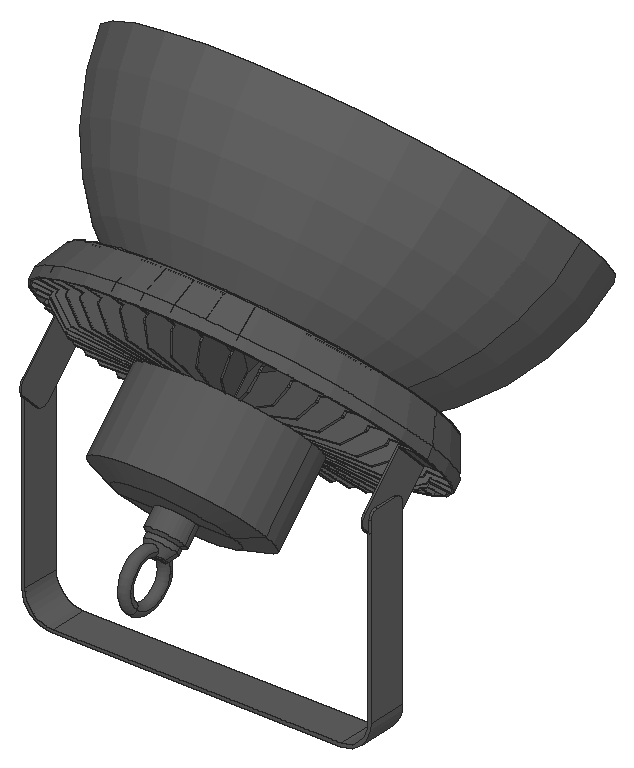
Revit family "0039367+0039355+0039360 Sylvania Lighting Fixture START HighBay IP65 DALI 26000lm 840 WB with BRACKET and ALU SHADE BLACK COLOR FOR 26KLM", category Lighting Fixtures, host Face, Revit 2016 (continued)
Definition of nested family "Start LED Highbay DALI Head"
  Nested families
    nested 6: "Start Highbay Rib" at (0, 0, 80.875) x (0.7071, 0.7071, 0) z (0, 0, 1), type "Type Name", detail levels medium+fine
      with SuspensionHeight_FEILO 2.6 mm, WidthStraight_FEILO 4.7 mm, WidthRingChamfer_FEILO 12.9 mm, WidthCurved_FEILO 26.2 mm, WidthCurvedRing_FEILO 4.7 mm, SizeS_FEILO no, Rib4_FEILO 14.6 mm, Rib3_FEILO 20.2 mm, Rib2_FEILO 4.5 mm, Rib1_FEILO 19 mm, RadiusDiffuser_FEILO 120 mm, RHRadius3_FEILO 8.6 mm, RHRadius2_FEILO 14 mm, RHRadius1_FEILO 17.7 mm, RHHeight4_FEILO 9.2 mm, RHHeight3_FEILO 4.6 mm, RHHeight2_FEILO 2.6 mm, RHHeight1_FEILO 17.4 mm, HeightRing_FEILO 36.8 mm, HeightRingChamfer_FEILO 26.6 mm, EyeThickness_FEILO 10.5 mm, EyeThicknessHalf_FEILO 5.25 mm, EyeInner_FEILO 17.3 mm, DriverVerticalStraight_FEILO 57 mm, DriverVerticalChamfer_FEILO 9.5 mm, DriverRadius_FEILO 76.4 mm, DriverRadiusTop_FEILO 52.4 mm, DriverBottom_FEILO 74 mm, Radius_FEILO 169.5 mm
    nested 7: "Start Highbay Rib" at (0, 0, 80.875) x (0.5878, 0.809, 0) z (0, 0, 1), type "Type Name", detail levels medium+fine
      with SuspensionHeight_FEILO 2.6 mm, WidthStraight_FEILO 4.7 mm, WidthRingChamfer_FEILO 12.9 mm, WidthCurved_FEILO 26.2 mm, WidthCurvedRing_FEILO 4.7 mm, SizeS_FEILO no, Rib4_FEILO 14.6 mm, Rib3_FEILO 20.2 mm, Rib2_FEILO 4.5 mm, Rib1_FEILO 19 mm, RadiusDiffuser_FEILO 120 mm, RHRadius3_FEILO 8.6 mm, RHRadius2_FEILO 14 mm, RHRadius1_FEILO 17.7 mm, RHHeight4_FEILO 9.2 mm, RHHeight3_FEILO 4.6 mm, RHHeight2_FEILO 2.6 mm, RHHeight1_FEILO 17.4 mm, HeightRing_FEILO 36.8 mm, HeightRingChamfer_FEILO 26.6 mm, EyeThickness_FEILO 10.5 mm, EyeThicknessHalf_FEILO 5.25 mm, EyeInner_FEILO 17.3 mm, DriverVerticalStraight_FEILO 57 mm, DriverVerticalChamfer_FEILO 9.5 mm, DriverRadius_FEILO 76.4 mm, DriverRadiusTop_FEILO 52.4 mm, DriverBottom_FEILO 74 mm, Radius_FEILO 169.5 mm
    nested 8: "Start Highbay Rib" at (0, 0, 80.875) x (0.454, 0.891, 0) z (0, 0, 1), type "Type Name", detail levels medium+fine
      with SuspensionHeight_FEILO 2.6 mm, WidthStraight_FEILO 4.7 mm, WidthRingChamfer_FEILO 12.9 mm, WidthCurved_FEILO 26.2 mm, WidthCurvedRing_FEILO 4.7 mm, SizeS_FEILO no, Rib4_FEILO 14.6 mm, Rib3_FEILO 20.2 mm, Rib2_FEILO 4.5 mm, Rib1_FEILO 19 mm, RadiusDiffuser_FEILO 120 mm, RHRadius3_FEILO 8.6 mm, RHRadius2_FEILO 14 mm, RHRadius1_FEILO 17.7 mm, RHHeight4_FEILO 9.2 mm, RHHeight3_FEILO 4.6 mm, RHHeight2_FEILO 2.6 mm, RHHeight1_FEILO 17.4 mm, HeightRing_FEILO 36.8 mm, HeightRingChamfer_FEILO 26.6 mm, EyeThickness_FEILO 10.5 mm, EyeThicknessHalf_FEILO 5.25 mm, EyeInner_FEILO 17.3 mm, DriverVerticalStraight_FEILO 57 mm, DriverVerticalChamfer_FEILO 9.5 mm, DriverRadius_FEILO 76.4 mm, DriverRadiusTop_FEILO 52.4 mm, DriverBottom_FEILO 74 mm, Radius_FEILO 169.5 mm
    nested 9: "Start Highbay Rib" at (0, 0, 80.875) x (0.309, 0.9511, 0) z (0, 0, 1), type "Type Name", detail levels medium+fine
      with SuspensionHeight_FEILO 2.6 mm, WidthStraight_FEILO 4.7 mm, WidthRingChamfer_FEILO 12.9 mm, WidthCurved_FEILO 26.2 mm, WidthCurvedRing_FEILO 4.7 mm, SizeS_FEILO no, Rib4_FEILO 14.6 mm, Rib3_FEILO 20.2 mm, Rib2_FEILO 4.5 mm, Rib1_FEILO 19 mm, RadiusDiffuser_FEILO 120 mm, RHRadius3_FEILO 8.6 mm, RHRadius2_FEILO 14 mm, RHRadius1_FEILO 17.7 mm, RHHeight4_FEILO 9.2 mm, RHHeight3_FEILO 4.6 mm, RHHeight2_FEILO 2.6 mm, RHHeight1_FEILO 17.4 mm, HeightRing_FEILO 36.8 mm, HeightRingChamfer_FEILO 26.6 mm, EyeThickness_FEILO 10.5 mm, EyeThicknessHalf_FEILO 5.25 mm, EyeInner_FEILO 17.3 mm, DriverVerticalStraight_FEILO 57 mm, DriverVerticalChamfer_FEILO 9.5 mm, DriverRadius_FEILO 76.4 mm, DriverRadiusTop_FEILO 52.4 mm, DriverBottom_FEILO 74 mm, Radius_FEILO 169.5 mm
    nested 10: "Start Highbay Rib" at (0, 0, 80.875) x (0.1564, 0.9877, 0) z (0, 0, 1), type "Type Name", detail levels medium+fine
      with SuspensionHeight_FEILO 2.6 mm, WidthStraight_FEILO 4.7 mm, WidthRingChamfer_FEILO 12.9 mm, WidthCurved_FEILO 26.2 mm, WidthCurvedRing_FEILO 4.7 mm, SizeS_FEILO no, Rib4_FEILO 14.6 mm, Rib3_FEILO 20.2 mm, Rib2_FEILO 4.5 mm, Rib1_FEILO 19 mm, RadiusDiffuser_FEILO 120 mm, RHRadius3_FEILO 8.6 mm, RHRadius2_FEILO 14 mm, RHRadius1_FEILO 17.7 mm, RHHeight4_FEILO 9.2 mm, RHHeight3_FEILO 4.6 mm, RHHeight2_FEILO 2.6 mm, RHHeight1_FEILO 17.4 mm, HeightRing_FEILO 36.8 mm, HeightRingChamfer_FEILO 26.6 mm, EyeThickness_FEILO 10.5 mm, EyeThicknessHalf_FEILO 5.25 mm, EyeInner_FEILO 17.3 mm, DriverVerticalStraight_FEILO 57 mm, DriverVerticalChamfer_FEILO 9.5 mm, DriverRadius_FEILO 76.4 mm, DriverRadiusTop_FEILO 52.4 mm, DriverBottom_FEILO 74 mm, Radius_FEILO 169.5 mm
    nested 11: "Start Highbay Rib" at (0, 0, 80.875) x (0, 1, 0) z (0, 0, 1), type "Type Name", detail levels medium+fine
      with SuspensionHeight_FEILO 2.6 mm, WidthStraight_FEILO 4.7 mm, WidthRingChamfer_FEILO 12.9 mm, WidthCurved_FEILO 26.2 mm, WidthCurvedRing_FEILO 4.7 mm, SizeS_FEILO no, Rib4_FEILO 14.6 mm, Rib3_FEILO 20.2 mm, Rib2_FEILO 4.5 mm, Rib1_FEILO 19 mm, RadiusDiffuser_FEILO 120 mm, RHRadius3_FEILO 8.6 mm, RHRadius2_FEILO 14 mm, RHRadius1_FEILO 17.7 mm, RHHeight4_FEILO 9.2 mm, RHHeight3_FEILO 4.6 mm, RHHeight2_FEILO 2.6 mm, RHHeight1_FEILO 17.4 mm, HeightRing_FEILO 36.8 mm, HeightRingChamfer_FEILO 26.6 mm, EyeThickness_FEILO 10.5 mm, EyeThicknessHalf_FEILO 5.25 mm, EyeInner_FEILO 17.3 mm, DriverVerticalStraight_FEILO 57 mm, DriverVerticalChamfer_FEILO 9.5 mm, DriverRadius_FEILO 76.4 mm, DriverRadiusTop_FEILO 52.4 mm, DriverBottom_FEILO 74 mm, Radius_FEILO 169.5 mm
    nested 12: "Start Highbay Rib" at (0, 0, 80.875) x (-0.1564, 0.9877, 0) z (0, 0, 1), type "Type Name", detail levels medium+fine
      with SuspensionHeight_FEILO 2.6 mm, WidthStraight_FEILO 4.7 mm, WidthRingChamfer_FEILO 12.9 mm, WidthCurved_FEILO 26.2 mm, WidthCurvedRing_FEILO 4.7 mm, SizeS_FEILO no, Rib4_FEILO 14.6 mm, Rib3_FEILO 20.2 mm, Rib2_FEILO 4.5 mm, Rib1_FEILO 19 mm, RadiusDiffuser_FEILO 120 mm, RHRadius3_FEILO 8.6 mm, RHRadius2_FEILO 14 mm, RHRadius1_FEILO 17.7 mm, RHHeight4_FEILO 9.2 mm, RHHeight3_FEILO 4.6 mm, RHHeight2_FEILO 2.6 mm, RHHeight1_FEILO 17.4 mm, HeightRing_FEILO 36.8 mm, HeightRingChamfer_FEILO 26.6 mm, EyeThickness_FEILO 10.5 mm, EyeThicknessHalf_FEILO 5.25 mm, EyeInner_FEILO 17.3 mm, DriverVerticalStraight_FEILO 57 mm, DriverVerticalChamfer_FEILO 9.5 mm, DriverRadius_FEILO 76.4 mm, DriverRadiusTop_FEILO 52.4 mm, DriverBottom_FEILO 74 mm, Radius_FEILO 169.5 mm
    nested 13: "Start Highbay Rib" at (0, 0, 80.875) x (-0.309, 0.9511, 0) z (0, 0, 1), type "Type Name", detail levels medium+fine
      with SuspensionHeight_FEILO 2.6 mm, WidthStraight_FEILO 4.7 mm, WidthRingChamfer_FEILO 12.9 mm, WidthCurved_FEILO 26.2 mm, WidthCurvedRing_FEILO 4.7 mm, SizeS_FEILO no, Rib4_FEILO 14.6 mm, Rib3_FEILO 20.2 mm, Rib2_FEILO 4.5 mm, Rib1_FEILO 19 mm, RadiusDiffuser_FEILO 120 mm, RHRadius3_FEILO 8.6 mm, RHRadius2_FEILO 14 mm, RHRadius1_FEILO 17.7 mm, RHHeight4_FEILO 9.2 mm, RHHeight3_FEILO 4.6 mm, RHHeight2_FEILO 2.6 mm, RHHeight1_FEILO 17.4 mm, HeightRing_FEILO 36.8 mm, HeightRingChamfer_FEILO 26.6 mm, EyeThickness_FEILO 10.5 mm, EyeThicknessHalf_FEILO 5.25 mm, EyeInner_FEILO 17.3 mm, DriverVerticalStraight_FEILO 57 mm, DriverVerticalChamfer_FEILO 9.5 mm, DriverRadius_FEILO 76.4 mm, DriverRadiusTop_FEILO 52.4 mm, DriverBottom_FEILO 74 mm, Radius_FEILO 169.5 mm
    nested 14: "Start Highbay Rib" at (0, 0, 80.875) x (-0.454, 0.891, 0) z (0, 0, 1), type "Type Name", detail levels medium+fine
      with SuspensionHeight_FEILO 2.6 mm, WidthStraight_FEILO 4.7 mm, WidthRingChamfer_FEILO 12.9 mm, WidthCurved_FEILO 26.2 mm, WidthCurvedRing_FEILO 4.7 mm, SizeS_FEILO no, Rib4_FEILO 14.6 mm, Rib3_FEILO 20.2 mm, Rib2_FEILO 4.5 mm, Rib1_FEILO 19 mm, RadiusDiffuser_FEILO 120 mm, RHRadius3_FEILO 8.6 mm, RHRadius2_FEILO 14 mm, RHRadius1_FEILO 17.7 mm, RHHeight4_FEILO 9.2 mm, RHHeight3_FEILO 4.6 mm, RHHeight2_FEILO 2.6 mm, RHHeight1_FEILO 17.4 mm, HeightRing_FEILO 36.8 mm, HeightRingChamfer_FEILO 26.6 mm, EyeThickness_FEILO 10.5 mm, EyeThicknessHalf_FEILO 5.25 mm, EyeInner_FEILO 17.3 mm, DriverVerticalStraight_FEILO 57 mm, DriverVerticalChamfer_FEILO 9.5 mm, DriverRadius_FEILO 76.4 mm, DriverRadiusTop_FEILO 52.4 mm, DriverBottom_FEILO 74 mm, Radius_FEILO 169.5 mm
    nested 15: "Start Highbay Rib" at (0, 0, 80.875) x (-0.5878, 0.809, 0) z (0, 0, 1), type "Type Name", detail levels medium+fine
      with SuspensionHeight_FEILO 2.6 mm, WidthStraight_FEILO 4.7 mm, WidthRingChamfer_FEILO 12.9 mm, WidthCurved_FEILO 26.2 mm, WidthCurvedRing_FEILO 4.7 mm, SizeS_FEILO no, Rib4_FEILO 14.6 mm, Rib3_FEILO 20.2 mm, Rib2_FEILO 4.5 mm, Rib1_FEILO 19 mm, RadiusDiffuser_FEILO 120 mm, RHRadius3_FEILO 8.6 mm, RHRadius2_FEILO 14 mm, RHRadius1_FEILO 17.7 mm, RHHeight4_FEILO 9.2 mm, RHHeight3_FEILO 4.6 mm, RHHeight2_FEILO 2.6 mm, RHHeight1_FEILO 17.4 mm, HeightRing_FEILO 36.8 mm, HeightRingChamfer_FEILO 26.6 mm, EyeThickness_FEILO 10.5 mm, EyeThicknessHalf_FEILO 5.25 mm, EyeInner_FEILO 17.3 mm, DriverVerticalStraight_FEILO 57 mm, DriverVerticalChamfer_FEILO 9.5 mm, DriverRadius_FEILO 76.4 mm, DriverRadiusTop_FEILO 52.4 mm, DriverBottom_FEILO 74 mm, Radius_FEILO 169.5 mm
    nested 16: "Start Highbay Rib" at (0, 0, 80.875) x (-0.7071, 0.7071, 0) z (0, 0, 1), type "Type Name", detail levels medium+fine
      with SuspensionHeight_FEILO 2.6 mm, WidthStraight_FEILO 4.7 mm, WidthRingChamfer_FEILO 12.9 mm, WidthCurved_FEILO 26.2 mm, WidthCurvedRing_FEILO 4.7 mm, SizeS_FEILO no, Rib4_FEILO 14.6 mm, Rib3_FEILO 20.2 mm, Rib2_FEILO 4.5 mm, Rib1_FEILO 19 mm, RadiusDiffuser_FEILO 120 mm, RHRadius3_FEILO 8.6 mm, RHRadius2_FEILO 14 mm, RHRadius1_FEILO 17.7 mm, RHHeight4_FEILO 9.2 mm, RHHeight3_FEILO 4.6 mm, RHHeight2_FEILO 2.6 mm, RHHeight1_FEILO 17.4 mm, HeightRing_FEILO 36.8 mm, HeightRingChamfer_FEILO 26.6 mm, EyeThickness_FEILO 10.5 mm, EyeThicknessHalf_FEILO 5.25 mm, EyeInner_FEILO 17.3 mm, DriverVerticalStraight_FEILO 57 mm, DriverVerticalChamfer_FEILO 9.5 mm, DriverRadius_FEILO 76.4 mm, DriverRadiusTop_FEILO 52.4 mm, DriverBottom_FEILO 74 mm, Radius_FEILO 169.5 mm
    nested 17: "Start Highbay Rib" at (0, 0, 80.875) x (-0.809, 0.5878, 0) z (0, 0, 1), type "Type Name", detail levels medium+fine
      with SuspensionHeight_FEILO 2.6 mm, WidthStraight_FEILO 4.7 mm, WidthRingChamfer_FEILO 12.9 mm, WidthCurved_FEILO 26.2 mm, WidthCurvedRing_FEILO 4.7 mm, SizeS_FEILO no, Rib4_FEILO 14.6 mm, Rib3_FEILO 20.2 mm, Rib2_FEILO 4.5 mm, Rib1_FEILO 19 mm, RadiusDiffuser_FEILO 120 mm, RHRadius3_FEILO 8.6 mm, RHRadius2_FEILO 14 mm, RHRadius1_FEILO 17.7 mm, RHHeight4_FEILO 9.2 mm, RHHeight3_FEILO 4.6 mm, RHHeight2_FEILO 2.6 mm, RHHeight1_FEILO 17.4 mm, HeightRing_FEILO 36.8 mm, HeightRingChamfer_FEILO 26.6 mm, EyeThickness_FEILO 10.5 mm, EyeThicknessHalf_FEILO 5.25 mm, EyeInner_FEILO 17.3 mm, DriverVerticalStraight_FEILO 57 mm, DriverVerticalChamfer_FEILO 9.5 mm, DriverRadius_FEILO 76.4 mm, DriverRadiusTop_FEILO 52.4 mm, DriverBottom_FEILO 74 mm, Radius_FEILO 169.5 mm
    nested 18: "Start Highbay Rib" at (0, 0, 80.875) x (-0.891, 0.454, 0) z (0, 0, 1), type "Type Name", detail levels medium+fine
      with SuspensionHeight_FEILO 2.6 mm, WidthStraight_FEILO 4.7 mm, WidthRingChamfer_FEILO 12.9 mm, WidthCurved_FEILO 26.2 mm, WidthCurvedRing_FEILO 4.7 mm, SizeS_FEILO no, Rib4_FEILO 14.6 mm, Rib3_FEILO 20.2 mm, Rib2_FEILO 4.5 mm, Rib1_FEILO 19 mm, RadiusDiffuser_FEILO 120 mm, RHRadius3_FEILO 8.6 mm, RHRadius2_FEILO 14 mm, RHRadius1_FEILO 17.7 mm, RHHeight4_FEILO 9.2 mm, RHHeight3_FEILO 4.6 mm, RHHeight2_FEILO 2.6 mm, RHHeight1_FEILO 17.4 mm, HeightRing_FEILO 36.8 mm, HeightRingChamfer_FEILO 26.6 mm, EyeThickness_FEILO 10.5 mm, EyeThicknessHalf_FEILO 5.25 mm, EyeInner_FEILO 17.3 mm, DriverVerticalStraight_FEILO 57 mm, DriverVerticalChamfer_FEILO 9.5 mm, DriverRadius_FEILO 76.4 mm, DriverRadiusTop_FEILO 52.4 mm, DriverBottom_FEILO 74 mm, Radius_FEILO 169.5 mm
    nested 19: "Start Highbay Rib" at (0, 0, 80.875) x (-0.9511, 0.309, 0) z (0, 0, 1), type "Type Name", detail levels medium+fine
      with SuspensionHeight_FEILO 2.6 mm, WidthStraight_FEILO 4.7 mm, WidthRingChamfer_FEILO 12.9 mm, WidthCurved_FEILO 26.2 mm, WidthCurvedRing_FEILO 4.7 mm, SizeS_FEILO no, Rib4_FEILO 14.6 mm, Rib3_FEILO 20.2 mm, Rib2_FEILO 4.5 mm, Rib1_FEILO 19 mm, RadiusDiffuser_FEILO 120 mm, RHRadius3_FEILO 8.6 mm, RHRadius2_FEILO 14 mm, RHRadius1_FEILO 17.7 mm, RHHeight4_FEILO 9.2 mm, RHHeight3_FEILO 4.6 mm, RHHeight2_FEILO 2.6 mm, RHHeight1_FEILO 17.4 mm, HeightRing_FEILO 36.8 mm, HeightRingChamfer_FEILO 26.6 mm, EyeThickness_FEILO 10.5 mm, EyeThicknessHalf_FEILO 5.25 mm, EyeInner_FEILO 17.3 mm, DriverVerticalStraight_FEILO 57 mm, DriverVerticalChamfer_FEILO 9.5 mm, DriverRadius_FEILO 76.4 mm, DriverRadiusTop_FEILO 52.4 mm, DriverBottom_FEILO 74 mm, Radius_FEILO 169.5 mm
    nested 20: "Start Highbay Rib" at (0, 0, 80.875) x (-0.9877, 0.1564, 0) z (0, 0, 1), type "Type Name", detail levels medium+fine
      with SuspensionHeight_FEILO 2.6 mm, WidthStraight_FEILO 4.7 mm, WidthRingChamfer_FEILO 12.9 mm, WidthCurved_FEILO 26.2 mm, WidthCurvedRing_FEILO 4.7 mm, SizeS_FEILO no, Rib4_FEILO 14.6 mm, Rib3_FEILO 20.2 mm, Rib2_FEILO 4.5 mm, Rib1_FEILO 19 mm, RadiusDiffuser_FEILO 120 mm, RHRadius3_FEILO 8.6 mm, RHRadius2_FEILO 14 mm, RHRadius1_FEILO 17.7 mm, RHHeight4_FEILO 9.2 mm, RHHeight3_FEILO 4.6 mm, RHHeight2_FEILO 2.6 mm, RHHeight1_FEILO 17.4 mm, HeightRing_FEILO 36.8 mm, HeightRingChamfer_FEILO 26.6 mm, EyeThickness_FEILO 10.5 mm, EyeThicknessHalf_FEILO 5.25 mm, EyeInner_FEILO 17.3 mm, DriverVerticalStraight_FEILO 57 mm, DriverVerticalChamfer_FEILO 9.5 mm, DriverRadius_FEILO 76.4 mm, DriverRadiusTop_FEILO 52.4 mm, DriverBottom_FEILO 74 mm, Radius_FEILO 169.5 mm
    nested 21: "Start Highbay Rib" at (0, 0, 80.875) x (-1, 0, 0) z (0, 0, 1), type "Type Name", detail levels medium+fine
      with SuspensionHeight_FEILO 2.6 mm, WidthStraight_FEILO 4.7 mm, WidthRingChamfer_FEILO 12.9 mm, WidthCurved_FEILO 26.2 mm, WidthCurvedRing_FEILO 4.7 mm, SizeS_FEILO no, Rib4_FEILO 14.6 mm, Rib3_FEILO 20.2 mm, Rib2_FEILO 4.5 mm, Rib1_FEILO 19 mm, RadiusDiffuser_FEILO 120 mm, RHRadius3_FEILO 8.6 mm, RHRadius2_FEILO 14 mm, RHRadius1_FEILO 17.7 mm, RHHeight4_FEILO 9.2 mm, RHHeight3_FEILO 4.6 mm, RHHeight2_FEILO 2.6 mm, RHHeight1_FEILO 17.4 mm, HeightRing_FEILO 36.8 mm, HeightRingChamfer_FEILO 26.6 mm, EyeThickness_FEILO 10.5 mm, EyeThicknessHalf_FEILO 5.25 mm, EyeInner_FEILO 17.3 mm, DriverVerticalStraight_FEILO 57 mm, DriverVerticalChamfer_FEILO 9.5 mm, DriverRadius_FEILO 76.4 mm, DriverRadiusTop_FEILO 52.4 mm, DriverBottom_FEILO 74 mm, Radius_FEILO 169.5 mm
    nested 22: "Start Highbay Rib" at (0, 0, 80.875) x (-0.9877, -0.1564, 0) z (0, 0, 1), type "Type Name", detail levels medium+fine
      with SuspensionHeight_FEILO 2.6 mm, WidthStraight_FEILO 4.7 mm, WidthRingChamfer_FEILO 12.9 mm, WidthCurved_FEILO 26.2 mm, WidthCurvedRing_FEILO 4.7 mm, SizeS_FEILO no, Rib4_FEILO 14.6 mm, Rib3_FEILO 20.2 mm, Rib2_FEILO 4.5 mm, Rib1_FEILO 19 mm, RadiusDiffuser_FEILO 120 mm, RHRadius3_FEILO 8.6 mm, RHRadius2_FEILO 14 mm, RHRadius1_FEILO 17.7 mm, RHHeight4_FEILO 9.2 mm, RHHeight3_FEILO 4.6 mm, RHHeight2_FEILO 2.6 mm, RHHeight1_FEILO 17.4 mm, HeightRing_FEILO 36.8 mm, HeightRingChamfer_FEILO 26.6 mm, EyeThickness_FEILO 10.5 mm, EyeThicknessHalf_FEILO 5.25 mm, EyeInner_FEILO 17.3 mm, DriverVerticalStraight_FEILO 57 mm, DriverVerticalChamfer_FEILO 9.5 mm, DriverRadius_FEILO 76.4 mm, DriverRadiusTop_FEILO 52.4 mm, DriverBottom_FEILO 74 mm, Radius_FEILO 169.5 mm
    nested 23: "Start Highbay Rib" at (0, 0, 80.875) x (-0.9511, -0.309, 0) z (0, 0, 1), type "Type Name", detail levels medium+fine
      with SuspensionHeight_FEILO 2.6 mm, WidthStraight_FEILO 4.7 mm, WidthRingChamfer_FEILO 12.9 mm, WidthCurved_FEILO 26.2 mm, WidthCurvedRing_FEILO 4.7 mm, SizeS_FEILO no, Rib4_FEILO 14.6 mm, Rib3_FEILO 20.2 mm, Rib2_FEILO 4.5 mm, Rib1_FEILO 19 mm, RadiusDiffuser_FEILO 120 mm, RHRadius3_FEILO 8.6 mm, RHRadius2_FEILO 14 mm, RHRadius1_FEILO 17.7 mm, RHHeight4_FEILO 9.2 mm, RHHeight3_FEILO 4.6 mm, RHHeight2_FEILO 2.6 mm, RHHeight1_FEILO 17.4 mm, HeightRing_FEILO 36.8 mm, HeightRingChamfer_FEILO 26.6 mm, EyeThickness_FEILO 10.5 mm, EyeThicknessHalf_FEILO 5.25 mm, EyeInner_FEILO 17.3 mm, DriverVerticalStraight_FEILO 57 mm, DriverVerticalChamfer_FEILO 9.5 mm, DriverRadius_FEILO 76.4 mm, DriverRadiusTop_FEILO 52.4 mm, DriverBottom_FEILO 74 mm, Radius_FEILO 169.5 mm
    nested 24: "Start Highbay Rib" at (0, 0, 80.875) x (-0.891, -0.454, 0) z (0, 0, 1), type "Type Name", detail levels medium+fine
      with SuspensionHeight_FEILO 2.6 mm, WidthStraight_FEILO 4.7 mm, WidthRingChamfer_FEILO 12.9 mm, WidthCurved_FEILO 26.2 mm, WidthCurvedRing_FEILO 4.7 mm, SizeS_FEILO no, Rib4_FEILO 14.6 mm, Rib3_FEILO 20.2 mm, Rib2_FEILO 4.5 mm, Rib1_FEILO 19 mm, RadiusDiffuser_FEILO 120 mm, RHRadius3_FEILO 8.6 mm, RHRadius2_FEILO 14 mm, RHRadius1_FEILO 17.7 mm, RHHeight4_FEILO 9.2 mm, RHHeight3_FEILO 4.6 mm, RHHeight2_FEILO 2.6 mm, RHHeight1_FEILO 17.4 mm, HeightRing_FEILO 36.8 mm, HeightRingChamfer_FEILO 26.6 mm, EyeThickness_FEILO 10.5 mm, EyeThicknessHalf_FEILO 5.25 mm, EyeInner_FEILO 17.3 mm, DriverVerticalStraight_FEILO 57 mm, DriverVerticalChamfer_FEILO 9.5 mm, DriverRadius_FEILO 76.4 mm, DriverRadiusTop_FEILO 52.4 mm, DriverBottom_FEILO 74 mm, Radius_FEILO 169.5 mm
    nested 25: "Start Highbay Rib" at (0, 0, 80.875) x (-0.809, -0.5878, 0) z (0, 0, 1), type "Type Name", detail levels medium+fine
      with SuspensionHeight_FEILO 2.6 mm, WidthStraight_FEILO 4.7 mm, WidthRingChamfer_FEILO 12.9 mm, WidthCurved_FEILO 26.2 mm, WidthCurvedRing_FEILO 4.7 mm, SizeS_FEILO no, Rib4_FEILO 14.6 mm, Rib3_FEILO 20.2 mm, Rib2_FEILO 4.5 mm, Rib1_FEILO 19 mm, RadiusDiffuser_FEILO 120 mm, RHRadius3_FEILO 8.6 mm, RHRadius2_FEILO 14 mm, RHRadius1_FEILO 17.7 mm, RHHeight4_FEILO 9.2 mm, RHHeight3_FEILO 4.6 mm, RHHeight2_FEILO 2.6 mm, RHHeight1_FEILO 17.4 mm, HeightRing_FEILO 36.8 mm, HeightRingChamfer_FEILO 26.6 mm, EyeThickness_FEILO 10.5 mm, EyeThicknessHalf_FEILO 5.25 mm, EyeInner_FEILO 17.3 mm, DriverVerticalStraight_FEILO 57 mm, DriverVerticalChamfer_FEILO 9.5 mm, DriverRadius_FEILO 76.4 mm, DriverRadiusTop_FEILO 52.4 mm, DriverBottom_FEILO 74 mm, Radius_FEILO 169.5 mm
    nested 26: "Start Highbay Rib" at (0, 0, 80.875) x (-0.7071, -0.7071, 0) z (0, 0, 1), type "Type Name", detail levels medium+fine
      with SuspensionHeight_FEILO 2.6 mm, WidthStraight_FEILO 4.7 mm, WidthRingChamfer_FEILO 12.9 mm, WidthCurved_FEILO 26.2 mm, WidthCurvedRing_FEILO 4.7 mm, SizeS_FEILO no, Rib4_FEILO 14.6 mm, Rib3_FEILO 20.2 mm, Rib2_FEILO 4.5 mm, Rib1_FEILO 19 mm, RadiusDiffuser_FEILO 120 mm, RHRadius3_FEILO 8.6 mm, RHRadius2_FEILO 14 mm, RHRadius1_FEILO 17.7 mm, RHHeight4_FEILO 9.2 mm, RHHeight3_FEILO 4.6 mm, RHHeight2_FEILO 2.6 mm, RHHeight1_FEILO 17.4 mm, HeightRing_FEILO 36.8 mm, HeightRingChamfer_FEILO 26.6 mm, EyeThickness_FEILO 10.5 mm, EyeThicknessHalf_FEILO 5.25 mm, EyeInner_FEILO 17.3 mm, DriverVerticalStraight_FEILO 57 mm, DriverVerticalChamfer_FEILO 9.5 mm, DriverRadius_FEILO 76.4 mm, DriverRadiusTop_FEILO 52.4 mm, DriverBottom_FEILO 74 mm, Radius_FEILO 169.5 mm
    nested 27: "Start Highbay Rib" at (0, 0, 80.875) x (-0.5878, -0.809, 0) z (0, 0, 1), type "Type Name", detail levels medium+fine
      with SuspensionHeight_FEILO 2.6 mm, WidthStraight_FEILO 4.7 mm, WidthRingChamfer_FEILO 12.9 mm, WidthCurved_FEILO 26.2 mm, WidthCurvedRing_FEILO 4.7 mm, SizeS_FEILO no, Rib4_FEILO 14.6 mm, Rib3_FEILO 20.2 mm, Rib2_FEILO 4.5 mm, Rib1_FEILO 19 mm, RadiusDiffuser_FEILO 120 mm, RHRadius3_FEILO 8.6 mm, RHRadius2_FEILO 14 mm, RHRadius1_FEILO 17.7 mm, RHHeight4_FEILO 9.2 mm, RHHeight3_FEILO 4.6 mm, RHHeight2_FEILO 2.6 mm, RHHeight1_FEILO 17.4 mm, HeightRing_FEILO 36.8 mm, HeightRingChamfer_FEILO 26.6 mm, EyeThickness_FEILO 10.5 mm, EyeThicknessHalf_FEILO 5.25 mm, EyeInner_FEILO 17.3 mm, DriverVerticalStraight_FEILO 57 mm, DriverVerticalChamfer_FEILO 9.5 mm, DriverRadius_FEILO 76.4 mm, DriverRadiusTop_FEILO 52.4 mm, DriverBottom_FEILO 74 mm, Radius_FEILO 169.5 mm
    nested 28: "Start Highbay Rib" at (0, 0, 80.875) x (-0.454, -0.891, 0) z (0, 0, 1), type "Type Name", detail levels medium+fine
      with SuspensionHeight_FEILO 2.6 mm, WidthStraight_FEILO 4.7 mm, WidthRingChamfer_FEILO 12.9 mm, WidthCurved_FEILO 26.2 mm, WidthCurvedRing_FEILO 4.7 mm, SizeS_FEILO no, Rib4_FEILO 14.6 mm, Rib3_FEILO 20.2 mm, Rib2_FEILO 4.5 mm, Rib1_FEILO 19 mm, RadiusDiffuser_FEILO 120 mm, RHRadius3_FEILO 8.6 mm, RHRadius2_FEILO 14 mm, RHRadius1_FEILO 17.7 mm, RHHeight4_FEILO 9.2 mm, RHHeight3_FEILO 4.6 mm, RHHeight2_FEILO 2.6 mm, RHHeight1_FEILO 17.4 mm, HeightRing_FEILO 36.8 mm, HeightRingChamfer_FEILO 26.6 mm, EyeThickness_FEILO 10.5 mm, EyeThicknessHalf_FEILO 5.25 mm, EyeInner_FEILO 17.3 mm, DriverVerticalStraight_FEILO 57 mm, DriverVerticalChamfer_FEILO 9.5 mm, DriverRadius_FEILO 76.4 mm, DriverRadiusTop_FEILO 52.4 mm, DriverBottom_FEILO 74 mm, Radius_FEILO 169.5 mm
    nested 29: "Start Highbay Rib" at (0, 0, 80.875) x (-0.309, -0.9511, 0) z (0, 0, 1), type "Type Name", detail levels medium+fine
      with SuspensionHeight_FEILO 2.6 mm, WidthStraight_FEILO 4.7 mm, WidthRingChamfer_FEILO 12.9 mm, WidthCurved_FEILO 26.2 mm, WidthCurvedRing_FEILO 4.7 mm, SizeS_FEILO no, Rib4_FEILO 14.6 mm, Rib3_FEILO 20.2 mm, Rib2_FEILO 4.5 mm, Rib1_FEILO 19 mm, RadiusDiffuser_FEILO 120 mm, RHRadius3_FEILO 8.6 mm, RHRadius2_FEILO 14 mm, RHRadius1_FEILO 17.7 mm, RHHeight4_FEILO 9.2 mm, RHHeight3_FEILO 4.6 mm, RHHeight2_FEILO 2.6 mm, RHHeight1_FEILO 17.4 mm, HeightRing_FEILO 36.8 mm, HeightRingChamfer_FEILO 26.6 mm, EyeThickness_FEILO 10.5 mm, EyeThicknessHalf_FEILO 5.25 mm, EyeInner_FEILO 17.3 mm, DriverVerticalStraight_FEILO 57 mm, DriverVerticalChamfer_FEILO 9.5 mm, DriverRadius_FEILO 76.4 mm, DriverRadiusTop_FEILO 52.4 mm, DriverBottom_FEILO 74 mm, Radius_FEILO 169.5 mm
    nested 30: "Start Highbay Rib" at (0, 0, 80.875) x (-0.1564, -0.9877, 0) z (0, 0, 1), type "Type Name", detail levels medium+fine
      with SuspensionHeight_FEILO 2.6 mm, WidthStraight_FEILO 4.7 mm, WidthRingChamfer_FEILO 12.9 mm, WidthCurved_FEILO 26.2 mm, WidthCurvedRing_FEILO 4.7 mm, SizeS_FEILO no, Rib4_FEILO 14.6 mm, Rib3_FEILO 20.2 mm, Rib2_FEILO 4.5 mm, Rib1_FEILO 19 mm, RadiusDiffuser_FEILO 120 mm, RHRadius3_FEILO 8.6 mm, RHRadius2_FEILO 14 mm, RHRadius1_FEILO 17.7 mm, RHHeight4_FEILO 9.2 mm, RHHeight3_FEILO 4.6 mm, RHHeight2_FEILO 2.6 mm, RHHeight1_FEILO 17.4 mm, HeightRing_FEILO 36.8 mm, HeightRingChamfer_FEILO 26.6 mm, EyeThickness_FEILO 10.5 mm, EyeThicknessHalf_FEILO 5.25 mm, EyeInner_FEILO 17.3 mm, DriverVerticalStraight_FEILO 57 mm, DriverVerticalChamfer_FEILO 9.5 mm, DriverRadius_FEILO 76.4 mm, DriverRadiusTop_FEILO 52.4 mm, DriverBottom_FEILO 74 mm, Radius_FEILO 169.5 mm
    nested 31: "Start Highbay Rib" at (0, 0, 80.875) x (0, -1, 0) z (0, 0, 1), type "Type Name", detail levels medium+fine
      with SuspensionHeight_FEILO 2.6 mm, WidthStraight_FEILO 4.7 mm, WidthRingChamfer_FEILO 12.9 mm, WidthCurved_FEILO 26.2 mm, WidthCurvedRing_FEILO 4.7 mm, SizeS_FEILO no, Rib4_FEILO 14.6 mm, Rib3_FEILO 20.2 mm, Rib2_FEILO 4.5 mm, Rib1_FEILO 19 mm, RadiusDiffuser_FEILO 120 mm, RHRadius3_FEILO 8.6 mm, RHRadius2_FEILO 14 mm, RHRadius1_FEILO 17.7 mm, RHHeight4_FEILO 9.2 mm, RHHeight3_FEILO 4.6 mm, RHHeight2_FEILO 2.6 mm, RHHeight1_FEILO 17.4 mm, HeightRing_FEILO 36.8 mm, HeightRingChamfer_FEILO 26.6 mm, EyeThickness_FEILO 10.5 mm, EyeThicknessHalf_FEILO 5.25 mm, EyeInner_FEILO 17.3 mm, DriverVerticalStraight_FEILO 57 mm, DriverVerticalChamfer_FEILO 9.5 mm, DriverRadius_FEILO 76.4 mm, DriverRadiusTop_FEILO 52.4 mm, DriverBottom_FEILO 74 mm, Radius_FEILO 169.5 mm
    nested 32: "Start Highbay Rib" at (0, 0, 80.875) x (0.1564, -0.9877, 0) z (0, 0, 1), type "Type Name", detail levels medium+fine
      with SuspensionHeight_FEILO 2.6 mm, WidthStraight_FEILO 4.7 mm, WidthRingChamfer_FEILO 12.9 mm, WidthCurved_FEILO 26.2 mm, WidthCurvedRing_FEILO 4.7 mm, SizeS_FEILO no, Rib4_FEILO 14.6 mm, Rib3_FEILO 20.2 mm, Rib2_FEILO 4.5 mm, Rib1_FEILO 19 mm, RadiusDiffuser_FEILO 120 mm, RHRadius3_FEILO 8.6 mm, RHRadius2_FEILO 14 mm, RHRadius1_FEILO 17.7 mm, RHHeight4_FEILO 9.2 mm, RHHeight3_FEILO 4.6 mm, RHHeight2_FEILO 2.6 mm, RHHeight1_FEILO 17.4 mm, HeightRing_FEILO 36.8 mm, HeightRingChamfer_FEILO 26.6 mm, EyeThickness_FEILO 10.5 mm, EyeThicknessHalf_FEILO 5.25 mm, EyeInner_FEILO 17.3 mm, DriverVerticalStraight_FEILO 57 mm, DriverVerticalChamfer_FEILO 9.5 mm, DriverRadius_FEILO 76.4 mm, DriverRadiusTop_FEILO 52.4 mm, DriverBottom_FEILO 74 mm, Radius_FEILO 169.5 mm
    nested 33: "Start Highbay Rib" at (0, 0, 80.875) x (0.309, -0.9511, 0) z (0, 0, 1), type "Type Name", detail levels medium+fine
      with SuspensionHeight_FEILO 2.6 mm, WidthStraight_FEILO 4.7 mm, WidthRingChamfer_FEILO 12.9 mm, WidthCurved_FEILO 26.2 mm, WidthCurvedRing_FEILO 4.7 mm, SizeS_FEILO no, Rib4_FEILO 14.6 mm, Rib3_FEILO 20.2 mm, Rib2_FEILO 4.5 mm, Rib1_FEILO 19 mm, RadiusDiffuser_FEILO 120 mm, RHRadius3_FEILO 8.6 mm, RHRadius2_FEILO 14 mm, RHRadius1_FEILO 17.7 mm, RHHeight4_FEILO 9.2 mm, RHHeight3_FEILO 4.6 mm, RHHeight2_FEILO 2.6 mm, RHHeight1_FEILO 17.4 mm, HeightRing_FEILO 36.8 mm, HeightRingChamfer_FEILO 26.6 mm, EyeThickness_FEILO 10.5 mm, EyeThicknessHalf_FEILO 5.25 mm, EyeInner_FEILO 17.3 mm, DriverVerticalStraight_FEILO 57 mm, DriverVerticalChamfer_FEILO 9.5 mm, DriverRadius_FEILO 76.4 mm, DriverRadiusTop_FEILO 52.4 mm, DriverBottom_FEILO 74 mm, Radius_FEILO 169.5 mm
    nested 34: "Start Highbay Rib" at (0, 0, 80.875) x (0.454, -0.891, 0) z (0, 0, 1), type "Type Name", detail levels medium+fine
      with SuspensionHeight_FEILO 2.6 mm, WidthStraight_FEILO 4.7 mm, WidthRingChamfer_FEILO 12.9 mm, WidthCurved_FEILO 26.2 mm, WidthCurvedRing_FEILO 4.7 mm, SizeS_FEILO no, Rib4_FEILO 14.6 mm, Rib3_FEILO 20.2 mm, Rib2_FEILO 4.5 mm, Rib1_FEILO 19 mm, RadiusDiffuser_FEILO 120 mm, RHRadius3_FEILO 8.6 mm, RHRadius2_FEILO 14 mm, RHRadius1_FEILO 17.7 mm, RHHeight4_FEILO 9.2 mm, RHHeight3_FEILO 4.6 mm, RHHeight2_FEILO 2.6 mm, RHHeight1_FEILO 17.4 mm, HeightRing_FEILO 36.8 mm, HeightRingChamfer_FEILO 26.6 mm, EyeThickness_FEILO 10.5 mm, EyeThicknessHalf_FEILO 5.25 mm, EyeInner_FEILO 17.3 mm, DriverVerticalStraight_FEILO 57 mm, DriverVerticalChamfer_FEILO 9.5 mm, DriverRadius_FEILO 76.4 mm, DriverRadiusTop_FEILO 52.4 mm, DriverBottom_FEILO 74 mm, Radius_FEILO 169.5 mm
    nested 35: "Start Highbay Rib" at (0, 0, 80.875) x (0.5878, -0.809, 0) z (0, 0, 1), type "Type Name", detail levels medium+fine
      with SuspensionHeight_FEILO 2.6 mm, WidthStraight_FEILO 4.7 mm, WidthRingChamfer_FEILO 12.9 mm, WidthCurved_FEILO 26.2 mm, WidthCurvedRing_FEILO 4.7 mm, SizeS_FEILO no, Rib4_FEILO 14.6 mm, Rib3_FEILO 20.2 mm, Rib2_FEILO 4.5 mm, Rib1_FEILO 19 mm, RadiusDiffuser_FEILO 120 mm, RHRadius3_FEILO 8.6 mm, RHRadius2_FEILO 14 mm, RHRadius1_FEILO 17.7 mm, RHHeight4_FEILO 9.2 mm, RHHeight3_FEILO 4.6 mm, RHHeight2_FEILO 2.6 mm, RHHeight1_FEILO 17.4 mm, HeightRing_FEILO 36.8 mm, HeightRingChamfer_FEILO 26.6 mm, EyeThickness_FEILO 10.5 mm, EyeThicknessHalf_FEILO 5.25 mm, EyeInner_FEILO 17.3 mm, DriverVerticalStraight_FEILO 57 mm, DriverVerticalChamfer_FEILO 9.5 mm, DriverRadius_FEILO 76.4 mm, DriverRadiusTop_FEILO 52.4 mm, DriverBottom_FEILO 74 mm, Radius_FEILO 169.5 mm
    nested 36: "Start Highbay Rib" at (0, 0, 80.875) x (0.7071, -0.7071, 0) z (0, 0, 1), type "Type Name", detail levels medium+fine
      with SuspensionHeight_FEILO 2.6 mm, WidthStraight_FEILO 4.7 mm, WidthRingChamfer_FEILO 12.9 mm, WidthCurved_FEILO 26.2 mm, WidthCurvedRing_FEILO 4.7 mm, SizeS_FEILO no, Rib4_FEILO 14.6 mm, Rib3_FEILO 20.2 mm, Rib2_FEILO 4.5 mm, Rib1_FEILO 19 mm, RadiusDiffuser_FEILO 120 mm, RHRadius3_FEILO 8.6 mm, RHRadius2_FEILO 14 mm, RHRadius1_FEILO 17.7 mm, RHHeight4_FEILO 9.2 mm, RHHeight3_FEILO 4.6 mm, RHHeight2_FEILO 2.6 mm, RHHeight1_FEILO 17.4 mm, HeightRing_FEILO 36.8 mm, HeightRingChamfer_FEILO 26.6 mm, EyeThickness_FEILO 10.5 mm, EyeThicknessHalf_FEILO 5.25 mm, EyeInner_FEILO 17.3 mm, DriverVerticalStraight_FEILO 57 mm, DriverVerticalChamfer_FEILO 9.5 mm, DriverRadius_FEILO 76.4 mm, DriverRadiusTop_FEILO 52.4 mm, DriverBottom_FEILO 74 mm, Radius_FEILO 169.5 mm
    nested 37: "Start Highbay Rib" at (0, 0, 80.875) x (0.809, -0.5878, 0) z (0, 0, 1), type "Type Name", detail levels medium+fine
      with SuspensionHeight_FEILO 2.6 mm, WidthStraight_FEILO 4.7 mm, WidthRingChamfer_FEILO 12.9 mm, WidthCurved_FEILO 26.2 mm, WidthCurvedRing_FEILO 4.7 mm, SizeS_FEILO no, Rib4_FEILO 14.6 mm, Rib3_FEILO 20.2 mm, Rib2_FEILO 4.5 mm, Rib1_FEILO 19 mm, RadiusDiffuser_FEILO 120 mm, RHRadius3_FEILO 8.6 mm, RHRadius2_FEILO 14 mm, RHRadius1_FEILO 17.7 mm, RHHeight4_FEILO 9.2 mm, RHHeight3_FEILO 4.6 mm, RHHeight2_FEILO 2.6 mm, RHHeight1_FEILO 17.4 mm, HeightRing_FEILO 36.8 mm, HeightRingChamfer_FEILO 26.6 mm, EyeThickness_FEILO 10.5 mm, EyeThicknessHalf_FEILO 5.25 mm, EyeInner_FEILO 17.3 mm, DriverVerticalStraight_FEILO 57 mm, DriverVerticalChamfer_FEILO 9.5 mm, DriverRadius_FEILO 76.4 mm, DriverRadiusTop_FEILO 52.4 mm, DriverBottom_FEILO 74 mm, Radius_FEILO 169.5 mm
    nested 38: "Start Highbay Rib" at (0, 0, 80.875) x (0.891, -0.454, 0) z (0, 0, 1), type "Type Name", detail levels medium+fine
      with SuspensionHeight_FEILO 2.6 mm, WidthStraight_FEILO 4.7 mm, WidthRingChamfer_FEILO 12.9 mm, WidthCurved_FEILO 26.2 mm, WidthCurvedRing_FEILO 4.7 mm, SizeS_FEILO no, Rib4_FEILO 14.6 mm, Rib3_FEILO 20.2 mm, Rib2_FEILO 4.5 mm, Rib1_FEILO 19 mm, RadiusDiffuser_FEILO 120 mm, RHRadius3_FEILO 8.6 mm, RHRadius2_FEILO 14 mm, RHRadius1_FEILO 17.7 mm, RHHeight4_FEILO 9.2 mm, RHHeight3_FEILO 4.6 mm, RHHeight2_FEILO 2.6 mm, RHHeight1_FEILO 17.4 mm, HeightRing_FEILO 36.8 mm, HeightRingChamfer_FEILO 26.6 mm, EyeThickness_FEILO 10.5 mm, EyeThicknessHalf_FEILO 5.25 mm, EyeInner_FEILO 17.3 mm, DriverVerticalStraight_FEILO 57 mm, DriverVerticalChamfer_FEILO 9.5 mm, DriverRadius_FEILO 76.4 mm, DriverRadiusTop_FEILO 52.4 mm, DriverBottom_FEILO 74 mm, Radius_FEILO 169.5 mm
    nested 39: "Start Highbay Rib" at (0, 0, 80.875) x (0.9511, -0.309, 0) z (0, 0, 1), type "Type Name", detail levels medium+fine
      with SuspensionHeight_FEILO 2.6 mm, WidthStraight_FEILO 4.7 mm, WidthRingChamfer_FEILO 12.9 mm, WidthCurved_FEILO 26.2 mm, WidthCurvedRing_FEILO 4.7 mm, SizeS_FEILO no, Rib4_FEILO 14.6 mm, Rib3_FEILO 20.2 mm, Rib2_FEILO 4.5 mm, Rib1_FEILO 19 mm, RadiusDiffuser_FEILO 120 mm, RHRadius3_FEILO 8.6 mm, RHRadius2_FEILO 14 mm, RHRadius1_FEILO 17.7 mm, RHHeight4_FEILO 9.2 mm, RHHeight3_FEILO 4.6 mm, RHHeight2_FEILO 2.6 mm, RHHeight1_FEILO 17.4 mm, HeightRing_FEILO 36.8 mm, HeightRingChamfer_FEILO 26.6 mm, EyeThickness_FEILO 10.5 mm, EyeThicknessHalf_FEILO 5.25 mm, EyeInner_FEILO 17.3 mm, DriverVerticalStraight_FEILO 57 mm, DriverVerticalChamfer_FEILO 9.5 mm, DriverRadius_FEILO 76.4 mm, DriverRadiusTop_FEILO 52.4 mm, DriverBottom_FEILO 74 mm, Radius_FEILO 169.5 mm
    nested 40: "Start Highbay Rib" at (0, 0, 80.875) x (0.9877, -0.1564, 0) z (0, 0, 1), type "Type Name", detail levels medium+fine
      with SuspensionHeight_FEILO 2.6 mm, WidthStraight_FEILO 4.7 mm, WidthRingChamfer_FEILO 12.9 mm, WidthCurved_FEILO 26.2 mm, WidthCurvedRing_FEILO 4.7 mm, SizeS_FEILO no, Rib4_FEILO 14.6 mm, Rib3_FEILO 20.2 mm, Rib2_FEILO 4.5 mm, Rib1_FEILO 19 mm, RadiusDiffuser_FEILO 120 mm, RHRadius3_FEILO 8.6 mm, RHRadius2_FEILO 14 mm, RHRadius1_FEILO 17.7 mm, RHHeight4_FEILO 9.2 mm, RHHeight3_FEILO 4.6 mm, RHHeight2_FEILO 2.6 mm, RHHeight1_FEILO 17.4 mm, HeightRing_FEILO 36.8 mm, HeightRingChamfer_FEILO 26.6 mm, EyeThickness_FEILO 10.5 mm, EyeThicknessHalf_FEILO 5.25 mm, EyeInner_FEILO 17.3 mm, DriverVerticalStraight_FEILO 57 mm, DriverVerticalChamfer_FEILO 9.5 mm, DriverRadius_FEILO 76.4 mm, DriverRadiusTop_FEILO 52.4 mm, DriverBottom_FEILO 74 mm, Radius_FEILO 169.5 mm
  Definition of nested family "Start Highbay Rib"
    Parameters (values of type "Type Name")
      WidthStraight_FEILO = if(SizeS_FEILO, 3 mm, if(SizeM_FEILO, 4 mm, 4.7 mm))  # 3 mm
      WidthRingChamfer_FEILO = if(SizeS_FEILO, 10.3 mm, if(SizeM_FEILO, 11.2 mm, 12.9 mm))  # 10.3 mm
      WidthCurved_FEILO = if(SizeS_FEILO, 17.4 mm, if(SizeM_FEILO, 16.4 mm, 26.2 mm))  # 17.4 mm
      WidthCurvedRing_FEILO = if(SizeS_FEILO, 3 mm, if(SizeM_FEILO, 4 mm, 4.7 mm))  # 3 mm
      WidthBracket_FEILO = 40 mm
      URL = "http://www.feilosylvania.com"
      Type Image = (empty or 0)
      Type Comments = "n/a"
      ThicknessWall_FEILO = 1.5 mm
      ThicknessBracket_FEILO = 1.5 mm
      ThicknessBracketHalf_FEILO = ThicknessBracket_FEILO / 2  # 0.75 mm
      SuspensionHeight_FEILO [instance] = 2.6 mm
      SizeS_FEILO = yes
      SizeM_FEILO = no
      Rib4_FEILO = if(SizeS_FEILO, 18.1 mm, if(SizeM_FEILO, 13.6 mm, 14.6 mm))  # 18.1 mm
      Rib3_FEILO = if(SizeS_FEILO, 15.3 mm, if(SizeM_FEILO, 17.6 mm, 20.2 mm))  # 15.3 mm
      Rib2_FEILO = if(SizeS_FEILO, 3.6 mm, if(SizeM_FEILO, 3.9 mm, 4.5 mm))  # 3.6 mm
      Rib1_FEILO = if(SizeS_FEILO, 15.1 mm, if(SizeM_FEILO, 16.5 mm, 19 mm))  # 15.1 mm
      RadiusRib_FEILO = 2 mm
      RadiusDiffuser_FEILO = if(SizeS_FEILO, 95.2 mm, if(SizeM_FEILO, 105.3 mm, 120 mm))  # 95.2 mm
      RHRadius3_FEILO = if(SizeS_FEILO, 6.6 mm, if(SizeM_FEILO, 7.4 mm, 8.6 mm))  # 6.6 mm
      RHRadius2_FEILO = if(SizeS_FEILO, 11 mm, if(SizeM_FEILO, 12 mm, 14 mm))  # 11 mm
      RHRadius1_FEILO = if(SizeS_FEILO, 13.6 mm, if(SizeM_FEILO, 14.9 mm, 17.7 mm))  # 13.6 mm
      RHHeight4_FEILO = if(SizeS_FEILO, 7.3 mm, if(SizeM_FEILO, 8 mm, 9.2 mm))  # 7.3 mm
      RHHeight3_FEILO = if(SizeS_FEILO, 3.6 mm, if(SizeM_FEILO, 3.7 mm, 4.6 mm))  # 3.6 mm
      RHHeight2_FEILO = if(SizeS_FEILO, 2 mm, if(SizeM_FEILO, 2.2 mm, 2.6 mm))  # 2 mm
      RHHeight1_FEILO = if(SizeS_FEILO, 11.8 mm, if(SizeM_FEILO, 15.3 mm, 17.4 mm))  # 11.8 mm
      Material_3_FEILO = none
      Model = ""
      Manufacturer = "Feilo Sylvania"
      Keynote = "16500"
      HeightRing_FEILO = if(SizeS_FEILO, 19.8 mm, if(SizeM_FEILO, 32 mm, 36.8 mm))  # 19.8 mm
      HeightRingChamfer_FEILO = if(SizeS_FEILO, 11.7 mm, if(SizeM_FEILO, 23.2 mm, 26.6 mm))  # 11.7 mm
      EyeThickness_FEILO = if(SizeS_FEILO, 8.4 mm, if(SizeM_FEILO, 9.2 mm, 10.5 mm))  # 8.4 mm
      EyeThicknessHalf_FEILO = EyeThickness_FEILO / 2  # 4.2 mm
      EyeInner_FEILO = if(SizeS_FEILO, 13.8 mm, if(SizeM_FEILO, 15.1 mm, 17.3 mm))  # 13.8 mm
      DriverVerticalStraight_FEILO = if(SizeS_FEILO, 46.5 mm, if(SizeM_FEILO, 49.7 mm, 57 mm))  # 46.5 mm
      DriverVerticalChamfer_FEILO = if(SizeS_FEILO, 7.5 mm, if(SizeM_FEILO, 8.2 mm, 9.5 mm))  # 7.5 mm
      DriverRadius_FEILO = if(SizeS_FEILO, 61.4 mm, if(SizeM_FEILO, 67.2 mm, 76.4 mm))  # 61.4 mm
      DriverRadiusTop_FEILO = if(SizeS_FEILO, 42 mm, if(SizeM_FEILO, 45.3 mm, 52.4 mm))  # 42 mm
      DriverBottom_FEILO = if(SizeS_FEILO, 56 mm, if(SizeM_FEILO, 64.5 mm, 74 mm))  # 56 mm
      Material_2_FEILO = none
      Radius_FEILO = if(SizeS_FEILO, 135 mm, if(SizeM_FEILO, 148 mm, 169.5 mm))  # 135 mm
      Description = ""
      Default Elevation = 1219.2 mm
      Cost = 0
      Material_1_FEILO = none
      Assembly Code = "D5020200"
      Material_4_FEILO = none
    Reference planes
      plane 1 "Center (Front/Back)": y = 0
      plane 2: z = 0
      plane 3 "Center (Left/Right)": x = 0
      plane 4: z = 2.6
      plane 5: x = -135
      plane 6: x = -124.7
      plane 7: z = -9.1
      plane 8: z = -17.2
      plane 9: x = -121.7
      plane 10: z = -0.025
      plane 11: x = -104.3
      plane 12: x = -95.2
      plane 13: x = -118.7
      plane 14: z = 0.975
      plane 15: z = -1.025
      plane 16: x = -92.2
      plane 17: z = -2.025
      plane 18: x = -133.5
      plane 19: x = -119.9
      plane 20: z = -20.8
      plane 21: x = -104.6
      plane 22: z = -38.9
      plane 23: x = -20
      plane 24: z = -53.4
      plane 25: x = -61.4
      plane 26: z = -99.9
      plane 27: x = -42
      plane 28: z = -107.4
      plane 29: x = -13.6
      plane 30: z = -119.2
      plane 31: z = -121.2
      plane 32: x = -11
      plane 33: z = -124.8
      plane 34: z = -132.1
      plane 35: x = -6.6
      plane 36: z = -145.9
      plane 37: z = -159.7
      plane 38: x = 4.2
      plane 39: x = -4.2
      plane 40: z = -168.1
      plane 41: z = -163.9
      plane 42: x = -129.1
      plane 43: x = -132.5
      plane 44: z = -18.7
      plane 45: x = -123.2
      plane 46: z = -76.65
      plane 47: y = -20
      plane 48: y = 20
      plane 49: x = 135
      plane 50: x = 124.7
      plane 51: x = 133.5
      plane 52: x = 129.1
      plane 53: x = 132.5
      plane 54: x = 123.2
      plane 55: y = 0.75
      plane 56: y = -0.75
    Forms (mm)
      Extrusion 1, solid
        sketch origin (4.2, 0, 0) x (1, 0, 0) y (0, 1, 0)
          loop
            line (-1219.2, 1219.2) -> (-1219.2, -1219.2) -> (1219.2, -1219.2) -> (1219.2, 1219.2) -> (-1219.2, 1219.2)
        from 0 to -68.017
      Extrusion 2, solid, material <- "Material_1_FEILO"
        sketch origin (0, 0, 0) x (1, 0, 0) y (0, 0, 1)
          loop
            arc (-104.3, -0.025) -> (-111.555, 0.423) -> (-118.7, 1.76) r 58.981
            line (-118.7, 1.76) -> (-118.7, -0.025) -> (-125.012, -0.025) -> (-133.5, -9.666) -> (-133.5, -17.2) -> (-119.9, -17.2) -> (-119.9, -20.068)
            arc (-119.9, -20.068) -> (-119.778, -20.755) -> (-119.427, -21.359) r 2
            line (-119.427, -21.359) -> (-104.966, -38.467)
            arc (-104.966, -38.467) -> (-104.381, -38.789) -> (-103.723, -38.9) r 2
            line (-103.723, -38.9) -> (-20, -38.9) -> (-20, -9.1) -> (-95.2, -9.1) -> (-95.2, -2.025) -> (-104.3, -2.025) -> (-104.3, -0.025)
        from -0.75 to 0.75
    Lines and regions (mm)
      reference lines
        curve 1: line (-135, 0, -9.1) -> (-124.7, 0, 2.6)
        curve 2: line (-104.3, 0, -0.025) -> (0, 0, -0.025)
        curve 3: arc (-104.3, 0, -0.025) -> (-113.098, 0, 0.635) -> (-121.7, 0, 2.6) r 58.981
        curve 4: line (-124.7, 0, 2.6) -> (-121.7, 0, 2.6)
        curve 5: line (-125.012, 0, -0.025) -> (-133.5, 0, -9.666)
        curve 6: line (-119.9, 0, -20.8) -> (-104.6, 0, -38.9)
    Dimensions and locks
      "Radius_FEILO": plane 3 "Center (Left/Right)" to plane 5
      "WidthRingChamfer_FEILO": plane 6 to plane 5
      "WidthStraight_FEILO": plane 9 to plane 6
      "WidthCurvedRing_FEILO": plane 13 to plane 9
      locked: plane 10 to plane 15 at 1
      locked: plane 14 to plane 10 at 1
      locked: plane 4 to plane 10 at 2.625
      locked: plane 15 to plane 17 at 1
      "ThicknessWall_FEILO": plane 18 to plane 5
      "ThicknessWall_FEILO": curve 5 to curve 1
      "HeightRingChamfer_FEILO": plane 4 to plane 7
      "HeightRing_FEILO": plane 4 to plane 8
      "RadiusDiffuser_FEILO": plane 3 "Center (Left/Right)" to plane 12
      locked: plane 16 to plane 12 at 3
      "WidthCurved_FEILO": plane 11 to plane 9
      "SuspensionHeight_FEILO": plane 4 to plane 2
      "Rib1_FEILO": plane 19 to plane 5
      "Rib2_FEILO": plane 8 to plane 20
      "Rib3_FEILO": plane 21 to plane 19
      "Rib4_FEILO": plane 20 to plane 22
      locked: plane 3 "Center (Left/Right)" to plane 23 at 20
      "DriverBottom_FEILO": plane 4 to plane 24
      "DriverRadius_FEILO": plane 3 "Center (Left/Right)" to plane 25
      "DriverVerticalStraight_FEILO": plane 24 to plane 26
      "DriverRadiusTop_FEILO": plane 3 "Center (Left/Right)" to plane 27
      "DriverVerticalChamfer_FEILO": plane 26 to plane 28
      "RHRadius1_FEILO": plane 3 "Center (Left/Right)" to plane 29
      "RHHeight2_FEILO": plane 30 to plane 31
      "RHRadius2_FEILO": plane 3 "Center (Left/Right)" to plane 32
      "RHHeight3_FEILO": plane 31 to plane 33
      "RHHeight4_FEILO": plane 33 to plane 34
      "RHRadius3_FEILO": plane 3 "Center (Left/Right)" to plane 35
      "RHHeight1_FEILO": plane 28 to plane 30
      "EyeInner_FEILO": plane 34 to plane 36
      "EyeInner_FEILO": plane 36 to plane 37
      equal spacing: plane 38, plane 3 "Center (Left/Right)", plane 39
      "EyeThickness_FEILO": plane 38 to plane 39
      "EyeThickness_FEILO": plane 37 to plane 40
      equal spacing: plane 37, plane 41, plane 40
      equal spacing: plane 6, plane 42, plane 18
      "ThicknessBracket_FEILO": plane 45 to plane 6
      "ThicknessBracket_FEILO": plane 8 to plane 44
      locked: plane 43 to plane 18 at 1
      equal spacing: plane 24, plane 46, plane 26
      equal spacing: plane 47, plane 1 "Center (Front/Back)", plane 48
      "WidthBracket_FEILO": plane 47 to plane 48
      "WidthRingChamfer_FEILO": plane 50 to plane 49
      "ThicknessWall_FEILO": plane 51 to plane 49
      equal spacing: plane 50, plane 52, plane 51
      "ThicknessBracket_FEILO": plane 54 to plane 50
      locked: plane 53 to plane 51 at 1
      "Radius_FEILO": plane 49 to plane 3 "Center (Left/Right)"
      equal spacing: plane 56, plane 1 "Center (Front/Back)", plane 55
      "ThicknessWall_FEILO": plane 56 to plane 55
      "RadiusRib_FEILO": radius of Extrusion 2 sketch curve  (x2)
      aligned and locked: plane 2 to Extrusion 1
      aligned and locked: level to Extrusion 1
      aligned and locked: plane 5 to curve 1
      aligned and locked: plane 6 to curve 1
      aligned and locked: plane 7 to curve 1
      aligned and locked: plane 10 to curve 2
      aligned and locked: plane 9 to curve 3
      aligned and locked: plane 4 to curve 3
      aligned and locked: plane 11 to curve 3
      aligned and locked: plane 4 to curve 4
      aligned and locked: plane 18 to curve 5
      aligned and locked: plane 10 to curve 5
      aligned and locked: plane 22 to curve 6
      aligned and locked: plane 21 to curve 6
      aligned and locked: plane 20 to curve 6
      aligned and locked: plane 19 to curve 6
      aligned and locked: Extrusion 2 sketch curve to plane 23
      aligned and locked: Extrusion 2 sketch curve to plane 22
      aligned and locked: Extrusion 2 sketch curve to curve 6
      aligned and locked: plane 19 to Extrusion 2 sketch curve
      aligned and locked: Extrusion 2 sketch curve to plane 8
      aligned and locked: Extrusion 2 sketch curve to curve 5
      aligned and locked: Extrusion 2 sketch curve to curve 3
      aligned and locked: Extrusion 2 to plane 55
      aligned and locked: plane 56 to Extrusion 2
      aligned and locked: curve 6 to Extrusion 2 sketch curve
    Automatic sketch dimensions
      Extrusion 1 sketch curve to Extrusion 1 sketch curve = 2438.4 mm  (x2)
      curve 2 to plane 3 "Center (Left/Right)" = 0 mm
      Extrusion 2 sketch curve to plane 18 = 0 mm
      Extrusion 2 sketch curve to plane 10 = 0 mm
      Extrusion 2 sketch curve to plane 13 = 0 mm
      Extrusion 2 sketch curve to plane 7 = 0 mm
      Extrusion 2 sketch curve to plane 12 = 0 mm
      Extrusion 2 sketch curve to plane 17 = 0 mm
      plane 19 to Extrusion 2 sketch curve = 0.473 mm
      Extrusion 2 sketch curve to plane 21 = 0.366 mm
